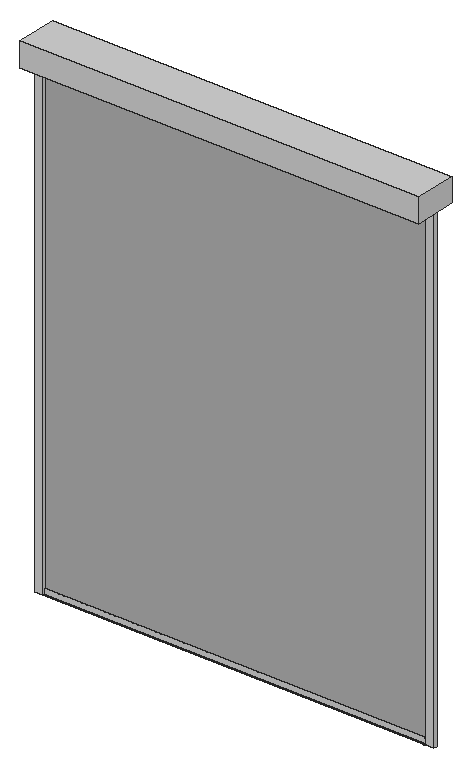
Revit family "Hose-Stream-Rated_Smoke-Fire-Curtain_DoorSystems_DSI-HS10B-Multiple-Roller-Side-by-Side-Headbox", category Doors, host Wall, Revit 2026
Family settings
  Host = Wall
  Classification Number = 23.30.60.17
  Always vertical = Yes
  Cut with Voids When Loaded = No
  Shared = No
  Room Calculation Point = No
Parameters (values of type "21" x 12" Head-box #3")
  Rough Width = 0' - 0"
  Rough Height = 0' - 0"
  Fire Rating = "1, 2, 3"
  Define Thermal Properties by = Schematic Type
  Clear Opening Width [instance] = 16' - 0"
  URL = "https://www.doorsysinc.com/"
  Specification = "https://www.arcat.com/company/door-systems-50183/spec"
  Type Model Notes [instance] = "As Specify"
  Invalid Model = (HeadBox_Height = 0' 0")  # no
  Clear Opening Height [instance] = 20' - 0"
  Curtain Height [instance] = if(Curtain Closed, Clear Opening Height, 0' 0 1/8")  # 20' - 0"
  Curtain Closed [instance] = yes
  Product Page URL = "https://www.arcat.com/arcatcos/cos50/arc50183.html"
  Mounting Method [instance] = "Per Manufactures standard"  # constant formula
  Model = "DSI-HS10B"  # constant formula
  Maximum Size [instance] = ""
  Manufacturer = "Door Systems"
  Keynote = "08 33 44"
  HeadBox_Height = 1' - 0"
  HeadBox_Depth = 1' - 9"
  FrameDepth = 0' - 2"
  Frame Width = 0' - 4"
  Wall Closure = By host
  Frame Finish [instance] = Metal - Steel - Primer Finish
  Fire Performance = "UL 10B"  # constant formula
  Description = "Hose Stream Rated Smoke and Fire Curtain"  # constant formula
  CurtainDrop_Viz = yes
  Curtain Offset [instance] = 0' - 0"
  Curtain Finish [instance] = Fabric - DoorSystemsInc - Grey Smoke Curtain
  Copyright = "ARCAT 2022"  # constant formula
  CAD Details = "https://www.arcat.com/company/door-systems-50183/cad"
  Available Options [instance] = "as Specified"
  Auxiliary HeadBox_Height = 1' - 0"
  Auxiliary HeadBox_Depth = 1' - 9"
  Analytic Construction = "<None>"
Types (3): name | Clear Opening Height | Curtain Height | Auxiliary HeadBox_Height | Auxiliary HeadBox_Depth
  15" x 9" Head-box #1 | 10' - 0" | 10' - 0" | 0' - 9" | 1' - 3"
  18" x 10" Head-box #2 | 16' - 0" | 16' - 0" | 0' - 10" | 1' - 6"
  21" x 12" Head-box #3 | 20' - 0" | 20' - 0" | 1' - 0" | 1' - 9"
Reference planes (in)
  plane 1 "Center (Front/Back)": y = 0
  plane 2 "Center (Left/Right)": x = 0
  plane 3 "Left": x = -100
  plane 4 "Right": x = 100
  plane 5 "Top": z = 240
  plane 6 "Exterior": y = 1
  plane 7 "Interior": y = -5
  plane 8: y = 12.5
  plane 9: z = 0
  plane 10: y = 3
  plane 11 "2": z = 252
  plane 12 "DoorOffset": y = 2
  plane 13: y = 1
  plane 14: y = 2
  plane 15: y = -8.5
  plane 16: z = 0
  plane 17: x = -96
  plane 18: x = 96
Forms (in)
  Extrusion 1, solid, material "Fabric - DoorSystemsInc - Grey Smoke Curtain" <- "Curtain Finish"
    sketch origin (0, 0, 0) x (1, 0, 0) y (0, 1, 0)
      loop
        line (-97.25, 2.07812) -> (-97.25, 1.92187) -> (97.25, 1.92187) -> (97.25, 2.07812) -> (-97.25, 2.07812)
    from 0 to 240
  Sweep 2, solid, material "Metal - Steel - Primer Finish" <- "Frame Finish"
    path origin (0, 0, 0) x (1, 0, 0) y (0, 0, 1)
      loop
        line (-100, 240) -> (100, 240)
    profile origin (0, 0, 240) x (0, 0, 1) y (0, -1, 0)
      loop
        line (12, 8.5) -> (0, 8.5) -> (0, -12.5) -> (12, -12.5) -> (12, 8.5)
  Sweep 3, solid, material "Metal - Steel - Primer Finish" <- "Frame Finish"
    path origin (0, 0, 0) x (1, 0, 0) y (0, 0, 1)
      loop
        line (0, 240) -> (0, 0)
    profile origin (0, 0, 120) x (0, -1, 0) y (1, 0, 0)
      loop
        line (-1, -100) -> (-1, -96) -> (-1.875, -96) -> (-1.875, -97.25) -> (-2.125, -97.25) -> (-2.125, -96) -> (-3, -96) -> (-3, -100) -> (-1, -100)
      loop
        line (-1, 100) -> (-3, 100) -> (-3, 96) -> (-2.125, 96) -> (-2.125, 97.25) -> (-1.875, 97.25) -> (-1.875, 96) -> (-1, 96) -> (-1, 100)
  Sweep 4, solid, material "Metal - Steel - Primer Finish" <- "Frame Finish", visible <- "CurtainDrop_Viz"
    path origin (0, 0, 0) x (1, 0, 0) y (0, 1, 0)
      loop
        line (96, 2) -> (-96, 2)
    profile origin (0, 2, 0) x (0, -1, 0) y (0, 0, 1)
      loop
        line (-1, 0.125) -> (-1, 0) -> (-0.07812, 0) -> (-0.07812, 3) -> (-0.20312, 3) -> (-0.20312, 0.125) -> (-1, 0.125)
      loop
        line (1, 0) -> (1, 0.125) -> (0.20313, 0.125) -> (0.20313, 3) -> (0.07813, 3) -> (0.07813, 0) -> (1, 0)
Lines and regions (in)
  Opening 1
    outline origin (-84.5, -5, 0) x (1, 0, 0) y (0, 0, 1)
      loop
        line (-15.5, 0) -> (184.5, 0) -> (184.5, 252) -> (-15.5, 252) -> (-15.5, 0)
Text (in)
  text "Exterior" at (-74.96733, 27.31104, 0), in view "Ref. Level"
  text "Interior" at (-74.96733, -25.14366, 0), in view "Ref. Level"
  text "Exterior" at (0, 40.15149, 123.01588), in view "Right"
  text "Interior" at (0, -64.39139, 123.01588), in view "Right"
  text "Interior" at (0, -31.01599, 123.00693), in view "Left"
  text "Exterior" at (0, 54.57065, 123.00693), in view "Left"
Dimensions and locks (in)
  equal spacing: plane 3 "Left", plane 2 "Center (Left/Right)", plane 4 "Right"
  "Clear Opening Height": level to plane 5 "Top"
  "Auxiliary HeadBox_Depth": plane 8 to plane 15
  locked: Extrusion 1 sketch curve to Extrusion 1 sketch curve at 0.15625
  "Auxiliary HeadBox_Height": plane 5 "Top" to plane 11 "2"
  equal spacing: Extrusion 1 sketch curve, plane 12 "DoorOffset", Extrusion 1 sketch curve
  "FrameDepth": plane 10 to plane 13
  "Frame Width": plane 3 "Left" to Sweep 3 sketch curve
  "Frame Width": Sweep 3 sketch curve to plane 4 "Right"
  equal spacing: plane 13, plane 14, plane 10
  locked: Sweep 3 sketch curve to Sweep 3 sketch curve at 1.25  (x2)
  equal spacing: Sweep 3 sketch curve, plane 14, Sweep 3 sketch curve
  locked: Sweep 3 sketch curve to Sweep 3 sketch curve at 0.25
  equal spacing: plane 10, plane 12 "DoorOffset", plane 13
  "Frame Width": Sweep 4 sketch curve to plane 4 "Right"
  "Frame Width": plane 3 "Left" to Sweep 4 sketch curve
  locked: Sweep 4 sketch curve to Sweep 4 sketch curve at 0.125
  "Curtain Offset": plane 6 "Exterior" to plane 13
  "Curtain Height": plane 5 "Top" to plane 16
  locked: Sweep 4 sketch curve to plane 16 at 3
  locked: Sweep 4 sketch curve to plane 16 at 0.125
  "Clear Opening Width": plane 18 to plane 17
  equal spacing: plane 8, plane 12 "DoorOffset", plane 15
  locked: plane 18 to plane 4 "Right" at 4
  equal spacing: plane 17, plane 2 "Center (Left/Right)", plane 18
  aligned and locked: Opening 1 sketch curve to level
  aligned and locked: plane 6 "Exterior" to host wall
  aligned and locked: host wall to plane 7 "Interior"
  aligned and locked: plane 9 to level
  aligned and locked: Extrusion 1 to plane 5 "Top"
  aligned and locked: Sweep 2 sketch curve to plane 5 "Top"
  aligned and locked: plane 4 "Right" to Sweep 2 sketch curve
  aligned and locked: plane 3 "Left" to Sweep 2 sketch curve
  aligned and locked: plane 11 "2" to Sweep 2 sketch curve
  aligned and locked: Sweep 2 sketch curve to plane 8
  aligned and locked: plane 5 "Top" to Sweep 2 sketch curve
  aligned and locked: Sweep 3 sketch curve to plane 2 "Center (Left/Right)"
  aligned and locked: plane 9 to Sweep 3 sketch curve
  aligned and locked: plane 5 "Top" to Sweep 3 sketch curve
  aligned and locked: plane 3 "Left" to Sweep 3 sketch curve
  aligned and locked: plane 10 to Sweep 3 sketch curve  (x2)
  aligned and locked: Sweep 3 sketch curve to plane 13
  aligned and locked: plane 4 "Right" to Sweep 3 sketch curve
  aligned and locked: plane 13 to Sweep 3 sketch curve
  aligned and locked: Sweep 3 sketch curve to Sweep 3 sketch curve  (x4)
  aligned and locked: Sweep 4 sketch curve to plane 12 "DoorOffset"
  aligned and locked: Sweep 4 sketch curve to plane 10
  aligned and locked: Sweep 4 sketch curve to plane 13
  aligned and locked: Extrusion 1 to Sweep 4 sketch curve  (x2)
  aligned and locked: Sweep 4 sketch curve to Sweep 4 sketch curve
  aligned and locked: Sweep 3 to Extrusion 1 sketch curve  (x2)
  aligned and locked: Sweep 2 sketch curve to plane 15
  aligned and locked: plane 16 to Sweep 4 sketch curve  (x2)
  aligned and locked: Extrusion 1 to plane 16
  aligned and locked: Opening 1 sketch curve to plane 3 "Left"
  aligned and locked: Opening 1 sketch curve to plane 4 "Right"
  aligned and locked: Opening 1 sketch curve to plane 11 "2"
Automatic sketch dimensions
  Sweep 4 sketch curve to Sweep 4 sketch curve = 0' - 0 1/8"
  Sweep 4 sketch curve to Sweep 4 sketch curve = 0' - 0"
